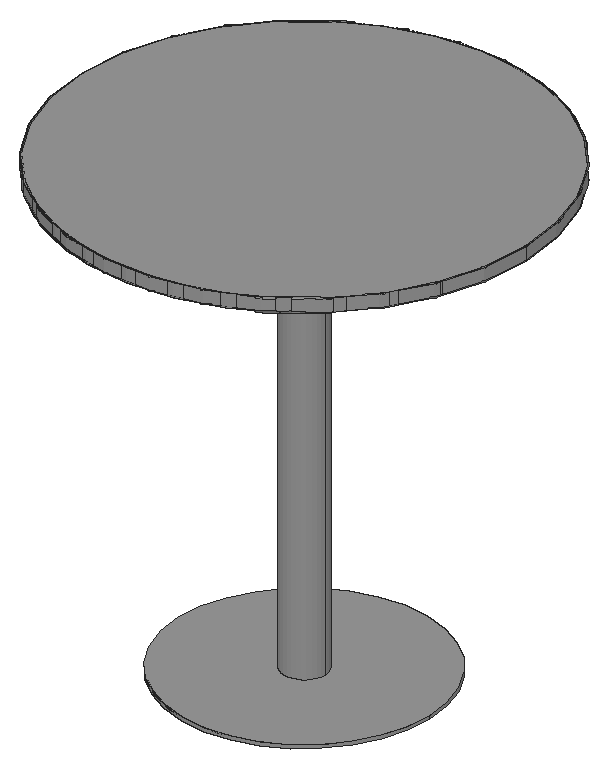
Revit family "Inklud 42in Round 42H Pedestal Base Table", category Furniture, Revit 2018
Family settings
  OmniClass Number = 23.40.20.00
  OmniClass Title = General Furniture and Specialties
  Work Plane-Based = No
  Always vertical = Yes
  Cut with Voids When Loaded = No
  Shared = No
  Room Calculation Point = No
Parameters
  Surface = Inklud 42" Round 42"H Pedestal Table Surface
  Edgeband = Inklud 42" Round 42"H Pedestal Table Edgeband
Reference planes (in)
  plane 1 "Center Front/Back": y = 0
  plane 2: z = 0
  plane 3 "Center Left/Right": x = 0
Forms (in)
  Extrusion 1, solid, material "Inklud Table Frame Platinum"
    sketch origin (0, 0, 0) x (1, 0, 0) y (0, 1, 0)
      loop
        circle (0, 0) r 2
    from 0.31496 to 41.87706
  Extrusion 2, solid, material "Inklud Table Frame Platinum"
    sketch origin (0, 0, 0) x (1, 0, 0) y (0, 1, 0)
      loop
        circle (0, 0) r 11.87315
    from 0 to 0.31496
  Extrusion 3, solid, material "Inklud Table Frame Platinum"
    sketch origin (0, 0, 14.24895) x (1, 0, 0) y (0, 1, 0)
      loop
        line (-6, 6) -> (-6, -6) -> (6, -6) -> (6, 6) -> (-6, 6)
    from 27.62811 to 27.86433
Dimensions and locks (in)
  aligned and locked: level to plane 2
Nested families (in)
  nested 1: "Inklud 42in Round Tabletop" at (0, 0, 14.45673), type "Inklud 42in Round Tabletop"
Definition of nested family "Inklud 42in Round Tabletop"
  Parameters (values of type "Inklud 42in Round Tabletop")
    Surface = none
    Edgeband = none
  Reference planes (in)
    plane 1 "Center (Front/Back)": y = 0
    plane 2: z = 0
    plane 3 "Center (Left/Right)": x = 0
  Forms (in)
    Extrusion 1, solid, material <- "Surface"
      sketch origin (0, 0, 0) x (1, 0, 0) y (0, 1, 0)
        loop
          circle (0, 0) r 21
      from 27.65655 to 28.90655
    Sweep 2, solid, material <- "Edgeband"
      path origin (0, 0, 0) x (1, 0, 0) y (0, 1, 0)
        loop
          circle (0, 0) r 21
      profile origin (0, 21, 0) x (0, -1, 0) y (0, 0, 1)
        loop
          arc (0, 28.90655) -> (-0.03536, 28.8919) -> (-0.05, 28.85655) r 0.05
          line (-0.05, 28.85655) -> (-0.05, 27.70655)
          arc (-0.05, 27.70655) -> (-0.03536, 27.67119) -> (0, 27.65655) r 0.05
          line (0, 27.65655) -> (0, 28.90655)
  Dimensions and locks (in)
    aligned and locked: plane 2 to level
